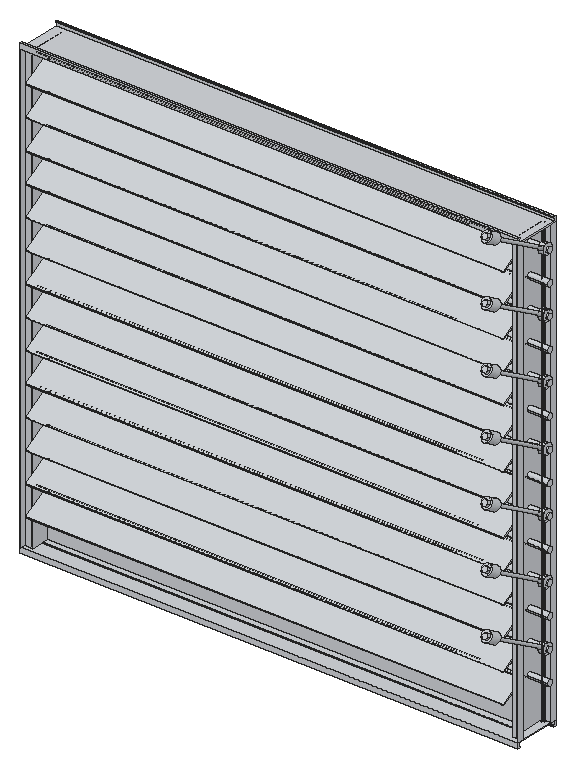
Revit family "HCB-700", category Mechanical Equipment, Revit 2015
Parameters
  Weight Spacing = 0' - 5 3/4"
  Weight Number [instance] = Blade Number / 2  # 7
  URL = "http://unitedenertech.com/catalog/pdf/F_10,11%20Model%20HCB-700.pdf"
  Type Comments = "Max. Single Section Size is (48\"w x 48\"h)"
  Model = "HCB-700"
  Manufacturer = "United Enertech Corporation"
  Keynote = "This model is only a representation of the product, blade position will vary from built dampers."
  Exact Width = 4' - 0"
  Exact Height = 3' - 8"
  Description = "Heavy Duty Backdraft Damper"
  Blade Spacing = 0' - 2 7/8"
  Blade Number [instance] = rounddown((Exact Height - 0' 2 1/4") / Blade Spacing)  # 14
  BW [instance] = Exact Width - 0' 1 15/16"  # 3' - 10 1/16"
Reference planes (in)
  plane 1 "Center (Front/Back)": y = 0
  plane 2: z = 0
  plane 3 "Center (Left/Right)": x = 0
  plane 4: x = -24
  plane 5: x = 24
  plane 6: z = 44
  plane 7: z = 0.5
  plane 8: z = 43.5
  plane 9: x = -23.125
  plane 10: x = 23.125
  plane 11: z = 42.0437
  plane 12: x = 25.03125
  plane 13: z = 42.96483
Forms (in)
  Extrusion 1, solid
    sketch origin (-10.94563, 56.53311, 0) x (0, 1, 0) y (-1, 0, 0)
      loop
        line (-56.53311, 12.97437) -> (-56.07011, 12.97437) -> (-56.07011, 12.17937) -> (-52.49611, 12.17937) -> (-52.49611, 12.97437) -> (-52.03311, 12.97437) -> (-52.03311, 13.05437) -> (-52.57611, 13.05437) -> (-52.57611, 12.46516) -> (-52.61757, 12.51649) -> (-52.6794, 12.56048) -> (-52.75426, 12.58054) -> (-52.77072, 12.48933)
        arc (-52.77072, 12.48933) -> (-52.68095, 12.36712) -> (-52.81664, 12.43482) r 0.078
        line (-52.81664, 12.43482) -> (-52.90129, 12.4267) -> (-52.87778, 12.33896) -> (-52.8428, 12.29687) -> (-52.79089, 12.25937) -> (-55.76027, 12.25937) -> (-55.71053, 12.30912) -> (-55.67609, 12.36632) -> (-55.67078, 12.44579) -> (-55.75297, 12.44579)
        arc (-55.75297, 12.44579) -> (-55.87883, 12.36035) -> (-55.80226, 12.4918) r 0.078
        line (-55.80226, 12.4918) -> (-55.81534, 12.5768) -> (-55.90864, 12.5518) -> (-55.94901, 12.51604) -> (-55.99011, 12.45116) -> (-55.99011, 13.05437) -> (-56.53311, 13.05437) -> (-56.53311, 12.97437)
    from 0.5 to 43.5
  Extrusion 2, solid
    sketch origin (10.94563, 56.53311, 0) x (0, 1, 0) y (-1, 0, 0)
      loop
        line (-56.53311, -12.97437) -> (-56.53311, -13.05437) -> (-55.99011, -13.05437) -> (-55.99011, -12.45116) -> (-55.94901, -12.51604) -> (-55.90864, -12.5518) -> (-55.81534, -12.5768) -> (-55.80226, -12.4918)
        arc (-55.80226, -12.4918) -> (-55.87883, -12.36035) -> (-55.75297, -12.44579) r 0.078
        line (-55.75297, -12.44579) -> (-55.67078, -12.44579) -> (-55.67609, -12.36632) -> (-55.71053, -12.30912) -> (-55.76027, -12.25937) -> (-52.79089, -12.25937) -> (-52.8428, -12.29687) -> (-52.87778, -12.33896) -> (-52.90129, -12.4267) -> (-52.81664, -12.43482)
        arc (-52.81664, -12.43482) -> (-52.68095, -12.36712) -> (-52.77072, -12.48933) r 0.078
        line (-52.77072, -12.48933) -> (-52.75426, -12.58054) -> (-52.6794, -12.56048) -> (-52.61757, -12.51649) -> (-52.57611, -12.46516) -> (-52.57611, -13.05437) -> (-52.03311, -13.05437) -> (-52.03311, -12.97437) -> (-52.49611, -12.97437) -> (-52.49611, -12.17937) -> (-56.07011, -12.17937) -> (-56.07011, -12.97437) -> (-56.53311, -12.97437)
    from 0.5 to 43.5
  Extrusion 3, solid
    sketch origin (-23.46325, -52.03311, -12.20737) x (0, -1, 0) y (0, 0, 1)
      loop
        line (-56.34511, 12.28737) -> (-56.45311, 12.28737) -> (-56.45311, 12.62737) -> (-52.11311, 12.62737) -> (-52.11311, 12.28737) -> (-52.22111, 12.28737) -> (-52.22111, 12.20737) -> (-52.03311, 12.20737) -> (-52.03311, 12.70737) -> (-56.53311, 12.70737) -> (-56.53311, 12.20737) -> (-56.34511, 12.20737) -> (-56.34511, 12.28737)
    from -47.46325 to 0.53675
  Extrusion 4, solid
    sketch origin (-35.31788, -52.03311, 54.20737) x (0, -1, 0) y (0, 0, -1)
      loop
        line (-56.34511, 10.28737) -> (-56.45311, 10.28737) -> (-56.45311, 10.62737) -> (-52.11311, 10.62737) -> (-52.11311, 10.28737) -> (-52.22111, 10.28737) -> (-52.22111, 10.20737) -> (-52.03311, 10.20737) -> (-52.03311, 10.70737) -> (-56.53311, 10.70737) -> (-56.53311, 10.20737) -> (-56.34511, 10.20737) -> (-56.34511, 10.28737)
    from 11.31788 to 59.31788
  Extrusion 5, solid
    sketch origin (0, 7.30319, -4.76393) x (0, 1, 0) y (0, 0, 1)
      loop
        line (-5.05319, 5.26393) -> (-5.05319, 7.99401) -> (-5.13572, 7.99401) -> (-5.13572, 5.34205) -> (-5.80319, 5.34205) -> (-5.80319, 5.26393) -> (-5.05319, 5.26393)
    from -23.125 to 23.125
Dimensions and locks (in)
  equal spacing: plane 4, plane 3 "Center (Left/Right)", plane 5
  "Exact Width": plane 4 to plane 5
  "Exact Height": plane 6 to level
  locked: plane 7 to level at 0.5
  locked: plane 6 to plane 8 at 0.5
  locked: plane 4 to plane 9 at 0.875
  locked: plane 10 to plane 5 at 0.875
  locked: plane 6 to plane 11 at 1.9563
  equal spacing: group 1, group 2, group 3, group 6, group 7, group 8, group 9, group 10, group 11, group 12, group 13, group 14, group 15, group 16  (x2)
  equal spacing: group 16, group 15, group 14, group 13, group 12, group 11, group 10, group 9, group 8, group 7, group 6, group 3, group 2, group 1
  "Blade Spacing": nested 2 to nested 1
  locked: plane 5 to plane 12 at 1.03125
  locked: plane 6 to plane 13 at 1.03517
  equal spacing: group 4, group 5, group 17, group 18, group 19, group 20, group 21  (x2)
  equal spacing: group 21, group 20, group 19, group 18, group 17, group 5, group 4
  "Weight Spacing": nested 4 to nested 5
  aligned and locked: level to plane 2
  aligned and locked: Extrusion 1 to plane 7
  aligned and locked: Extrusion 2 to plane 7
  aligned and locked: plane 5 to Extrusion 3
  aligned and locked: plane 4 to Extrusion 3
  aligned and locked: plane 6 to Extrusion 4
  aligned and locked: plane 5 to Extrusion 4
  aligned and locked: plane 4 to Extrusion 4
  aligned and locked: plane 8 to Extrusion 1
  aligned and locked: plane 8 to Extrusion 2
  aligned and locked: plane 10 to Extrusion 5
  aligned and locked: Extrusion 5 to plane 9
  aligned and locked: plane 3 "Center (Left/Right)" to nested 1
  aligned and locked: nested 1 to plane 11
  aligned and locked: plane 12 to nested 4
  aligned and locked: plane 13 to nested 4
  aligned and locked: nested 4 to nested 5
Automatic sketch dimensions
  plane 1 "Center (Front/Back)" to Extrusion 1 sketch curve = 0' - 0"
  Extrusion 1 sketch curve to plane 9 = 0' - 0"
  Extrusion 1 sketch curve to plane 4 = 0' - 0"  (x2)
  Extrusion 1 sketch curve to plane 4 = 0' - 0.08"  (x2)
  Extrusion 1 sketch curve to plane 1 "Center (Front/Back)" = 0' - 0.463"
  Extrusion 1 sketch curve to Extrusion 1 sketch curve = 0' - 0.08"  (x2)
  Extrusion 1 sketch curve to Extrusion 1 sketch curve = 0' - 0.0411"
  Extrusion 1 sketch curve to Extrusion 1 sketch curve = 0' - 0.04037"
  Extrusion 1 sketch curve to Extrusion 1 sketch curve = 0' - 0.08303"
  Extrusion 1 sketch curve to Extrusion 1 sketch curve = 0' - 0.0933"
  Extrusion 1 sketch curve to plane 9 = 0' - 0.31242"
  Extrusion 1 sketch curve to Extrusion 1 sketch curve = 0' - 0.02335"
  Extrusion 1 sketch curve to plane 9 = 0' - 0.08"
  Extrusion 1 sketch curve to Extrusion 1 sketch curve = 0' - 0.06534"
  Extrusion 1 sketch curve to Extrusion 1 sketch curve = 0' - 0.04929"
  Extrusion 1 sketch curve to plane 9 = 0' - 0.12974"
  Extrusion 1 sketch curve to Extrusion 1 sketch curve = 0' - 0.04974"
  Extrusion 1 sketch curve to plane 9 = 0' - 0.18694"
  Extrusion 1 sketch curve to Extrusion 1 sketch curve = 0' - 0.03444"
  Extrusion 1 sketch curve to Extrusion 1 sketch curve = 0' - 0.00531"
  Extrusion 1 sketch curve to plane 9 = 0' - 0.24733"
  Extrusion 1 sketch curve to Extrusion 1 sketch curve = 0' - 2.76949"
  Extrusion 1 sketch curve to plane 9 = 0' - 0.15959"
  Extrusion 1 sketch curve to Extrusion 1 sketch curve = 0' - 0.02351"
  Extrusion 1 sketch curve to plane 9 = 0' - 0.11749"
  Extrusion 1 sketch curve to Extrusion 1 sketch curve = 0' - 0.03498"
  Extrusion 1 sketch curve to plane 9 = 0' - 0.25544"
  Extrusion 1 sketch curve to Extrusion 1 sketch curve = 0' - 0.08465"
  Extrusion 1 sketch curve to Extrusion 1 sketch curve = 0' - 0.05191"
  Extrusion 1 sketch curve to plane 9 = 0' - 0.30996"
  Extrusion 1 sketch curve to Extrusion 1 sketch curve = 0' - 0.04592"
  Extrusion 1 sketch curve to plane 9 = 0' - 0.40116"
  Extrusion 1 sketch curve to Extrusion 1 sketch curve = 0' - 0.01646"
  Extrusion 1 sketch curve to Extrusion 1 sketch curve = 0' - 0.03011"
  Extrusion 1 sketch curve to plane 9 = 0' - 0.3811"
  Extrusion 1 sketch curve to Extrusion 1 sketch curve = 0' - 0.07486"
  Extrusion 1 sketch curve to plane 9 = 0' - 0.33712"
  Extrusion 1 sketch curve to Extrusion 1 sketch curve = 0' - 0.06183"
  Extrusion 1 sketch curve to Extrusion 1 sketch curve = 0' - 0.04146"
  Extrusion 1 sketch curve to Extrusion 1 sketch curve = 0' - 0.463"
  Extrusion 1 sketch curve to Extrusion 1 sketch curve = 0' - 0.07442"
  Extrusion 1 sketch curve to Extrusion 1 sketch curve = 0' - 0.03378"
  Extrusion 1 sketch curve to Extrusion 1 sketch curve = 0' - 0.05133"
  Extrusion 1 sketch curve to Extrusion 1 sketch curve = 0' - 0.06488"
  Extrusion 1 sketch curve to Extrusion 1 sketch curve = 0' - 0.03576"
  Extrusion 1 sketch curve to Extrusion 1 sketch curve = 0' - 0.085"
  plane 1 "Center (Front/Back)" to Extrusion 2 sketch curve = 0' - 0"
  Extrusion 2 sketch curve to plane 10 = 0' - 0"
  Extrusion 2 sketch curve to plane 5 = 0' - 0"  (x2)
  plane 5 to Extrusion 2 sketch curve = 0' - 0.08"  (x2)
  Extrusion 2 sketch curve to Extrusion 2 sketch curve = 0' - 0.463"  (x2)
  Extrusion 2 sketch curve to Extrusion 2 sketch curve = 0' - 0.08"  (x2)
  Extrusion 2 sketch curve to Extrusion 2 sketch curve = 0' - 0.0411"
  Extrusion 2 sketch curve to Extrusion 2 sketch curve = 0' - 0.04037"
  Extrusion 2 sketch curve to Extrusion 2 sketch curve = 0' - 0.08303"
  Extrusion 2 sketch curve to Extrusion 2 sketch curve = 0' - 0.0933"
  Extrusion 2 sketch curve to plane 10 = 0' - 0.31242"
  Extrusion 2 sketch curve to Extrusion 2 sketch curve = 0' - 0.02335"
  Extrusion 2 sketch curve to plane 10 = 0' - 0.08"
  Extrusion 2 sketch curve to Extrusion 2 sketch curve = 0' - 0.06534"
  Extrusion 2 sketch curve to Extrusion 2 sketch curve = 0' - 0.04929"
  Extrusion 2 sketch curve to plane 10 = 0' - 0.12974"
  Extrusion 2 sketch curve to Extrusion 2 sketch curve = 0' - 0.04974"
  Extrusion 2 sketch curve to plane 10 = 0' - 0.18694"
  Extrusion 2 sketch curve to Extrusion 2 sketch curve = 0' - 0.03444"
  Extrusion 2 sketch curve to Extrusion 2 sketch curve = 0' - 0.00531"
  Extrusion 2 sketch curve to plane 10 = 0' - 0.24733"
  Extrusion 2 sketch curve to Extrusion 2 sketch curve = 0' - 2.76949"
  Extrusion 2 sketch curve to plane 10 = 0' - 0.15959"
  Extrusion 2 sketch curve to Extrusion 2 sketch curve = 0' - 0.02351"
  Extrusion 2 sketch curve to plane 10 = 0' - 0.11749"
  Extrusion 2 sketch curve to Extrusion 2 sketch curve = 0' - 0.03498"
  Extrusion 2 sketch curve to plane 10 = 0' - 0.25544"
  Extrusion 2 sketch curve to Extrusion 2 sketch curve = 0' - 0.08465"
  Extrusion 2 sketch curve to Extrusion 2 sketch curve = 0' - 0.05191"
  Extrusion 2 sketch curve to plane 10 = 0' - 0.30996"
  Extrusion 2 sketch curve to Extrusion 2 sketch curve = 0' - 0.04592"
  Extrusion 2 sketch curve to plane 10 = 0' - 0.40116"
  Extrusion 2 sketch curve to Extrusion 2 sketch curve = 0' - 0.01646"
  Extrusion 2 sketch curve to Extrusion 2 sketch curve = 0' - 0.07602"
  Extrusion 2 sketch curve to plane 10 = 0' - 0.3811"
  Extrusion 2 sketch curve to Extrusion 2 sketch curve = 0' - 0.07486"
  Extrusion 2 sketch curve to plane 10 = 0' - 0.33712"
  Extrusion 2 sketch curve to Extrusion 2 sketch curve = 0' - 0.06183"
  Extrusion 2 sketch curve to Extrusion 2 sketch curve = 0' - 0.04146"
  Extrusion 2 sketch curve to Extrusion 2 sketch curve = 0' - 0.07442"
  Extrusion 2 sketch curve to Extrusion 2 sketch curve = 0' - 0.03378"
  Extrusion 2 sketch curve to Extrusion 2 sketch curve = 0' - 0.05133"
  Extrusion 2 sketch curve to Extrusion 2 sketch curve = 0' - 0.06488"
  Extrusion 2 sketch curve to Extrusion 2 sketch curve = 0' - 0.03576"
  Extrusion 2 sketch curve to Extrusion 2 sketch curve = 0' - 0.085"
  Extrusion 3 sketch curve to level = 0' - 0"  (x2)
  Extrusion 3 sketch curve to plane 7 = 0' - 0"
  Extrusion 3 sketch curve to plane 1 "Center (Front/Back)" = 0' - 0"
  Extrusion 3 sketch curve to plane 1 "Center (Front/Back)" = 0' - 0.08"
  Extrusion 3 sketch curve to Extrusion 3 sketch curve = 0' - 0.108"  (x2)
  Extrusion 3 sketch curve to Extrusion 3 sketch curve = 0' - 4.124"
  Extrusion 3 sketch curve to plane 7 = 0' - 0.08"
  Extrusion 3 sketch curve to Extrusion 3 sketch curve = 0' - 0.08"
  level to Extrusion 3 sketch curve = 0' - 0.08"  (x2)
  plane 8 to Extrusion 4 sketch curve = 0' - 0"
  Extrusion 4 sketch curve to plane 6 = 0' - 0"  (x2)
  Extrusion 4 sketch curve to plane 1 "Center (Front/Back)" = 0' - 0"
  Extrusion 4 sketch curve to plane 1 "Center (Front/Back)" = 0' - 0.08"
  Extrusion 4 sketch curve to Extrusion 4 sketch curve = 0' - 0.108"  (x2)
  Extrusion 4 sketch curve to plane 6 = 0' - 0.08"  (x2)
  Extrusion 4 sketch curve to Extrusion 4 sketch curve = 0' - 4.124"
  Extrusion 4 sketch curve to Extrusion 4 sketch curve = 0' - 0.08"
  plane 8 to Extrusion 4 sketch curve = 0' - 0.08"
  Extrusion 5 sketch curve to plane 1 "Center (Front/Back)" = 0' - 2.16746"
  Extrusion 5 sketch curve to Extrusion 5 sketch curve = 0' - 0.08254"
  Extrusion 5 sketch curve to Extrusion 5 sketch curve = 0' - 0 5/64"
  Extrusion 5 sketch curve to Extrusion 5 sketch curve = 0' - 2.65196"
  Extrusion 5 sketch curve to Extrusion 5 sketch curve = 0' - 0.66746"
  Extrusion 5 sketch curve to plane 7 = 0' - 0"
Nested families (in)
  nested 1: "HCBBlade" at (0, 0.6999, 41.2455), type "HCBBlade"
    with Blade Width 3' - 10 1/16"
  nested 2: "HCBBlade" at (0, 0.6999, 38.3705), type "HCBBlade"
    with Blade Width 3' - 10 1/16"
  nested 3: "HCBBlade" at (0, 0.6999, 35.4955), type "HCBBlade"
    with Blade Width 3' - 10 1/16"
  nested 4: "HCBWeightt" at (22.26436, -2.25932, 40.55697), type "HCBWeightt"
  nested 5: "HCBWeightt" at (22.26436, -2.25932, 34.80697), type "HCBWeightt"
  nested 6: "HCBBlade" at (0, 0.6999, 32.6205), type "HCBBlade"
    with Blade Width 3' - 10 1/16"
  nested 7: "HCBBlade" at (0, 0.6999, 29.7455), type "HCBBlade"
    with Blade Width 3' - 10 1/16"
  nested 8: "HCBBlade" at (0, 0.6999, 26.8705), type "HCBBlade"
    with Blade Width 3' - 10 1/16"
  nested 9: "HCBBlade" at (0, 0.6999, 23.9955), type "HCBBlade"
    with Blade Width 3' - 10 1/16"
  nested 10: "HCBBlade" at (0, 0.6999, 21.1205), type "HCBBlade"
    with Blade Width 3' - 10 1/16"
  nested 11: "HCBBlade" at (0, 0.6999, 18.2455), type "HCBBlade"
    with Blade Width 3' - 10 1/16"
  nested 12: "HCBBlade" at (0, 0.6999, 15.3705), type "HCBBlade"
    with Blade Width 3' - 10 1/16"
  nested 13: "HCBBlade" at (0, 0.6999, 12.4955), type "HCBBlade"
    with Blade Width 3' - 10 1/16"
  nested 14: "HCBBlade" at (0, 0.6999, 9.6205), type "HCBBlade"
    with Blade Width 3' - 10 1/16"
  nested 15: "HCBBlade" at (0, 0.6999, 6.7455), type "HCBBlade"
    with Blade Width 3' - 10 1/16"
  nested 16: "HCBBlade" at (0, 0.6999, 3.8705), type "HCBBlade"
    with Blade Width 3' - 10 1/16"
  nested 17: "HCBWeightt" at (22.26436, -2.25932, 29.05697), type "HCBWeightt"
  nested 18: "HCBWeightt" at (22.26436, -2.25932, 23.30697), type "HCBWeightt"
  nested 19: "HCBWeightt" at (22.26436, -2.25932, 17.55697), type "HCBWeightt"
  nested 20: "HCBWeightt" at (22.26436, -2.25932, 11.80697), type "HCBWeightt"
  nested 21: "HCBWeightt" at (22.26436, -2.25932, 6.05697), type "HCBWeightt"
Definition of nested family "HCBBlade"
  Parameters (values of type "HCBBlade")
    Blade Width = 2' - 0"
  Reference planes (in)
    plane 1 "Center (Front/Back)": y = 0
    plane 2: z = 0
    plane 3 "Center (Left/Right)": x = 0
    plane 4: x = -12
    plane 5: x = 12
    plane 6: x = -13
    plane 7: x = 14.25
  Forms (in)
    Extrusion 1, solid
      sketch origin (-12.97718, 9.9771, 0.49103) x (0, 1, 0) y (0, 0, 1)
        loop
          circle (-8.427, 0.74348) r 0.25
      from -0.02282 to 27.22718
    Extrusion 2, solid
      sketch origin (-12.97718, 7.22357, 2.55576) x (0, 0.866025, 0.5) y (0, -0.5, 0.866025)
        loop
          line (-8.69966, 1.75449) -> (-5.88793, 1.75449)
          arc (-5.88793, 1.75449) -> (-5.89377, 1.70445) -> (-5.89168, 1.65411) r 0.32
          line (-5.89168, 1.65411) -> (-5.99562, 1.55017)
          arc (-5.99562, 1.55017) -> (-5.94442, 1.44589) -> (-5.86797, 1.35842) r 0.445
          line (-5.86797, 1.35842) -> (-5.71631, 1.27086) -> (-5.61238, 1.3748)
          arc (-5.61238, 1.3748) -> (-5.28486, 1.82961) -> (-5.84428, 1.8638) r 0.32
          line (-5.84428, 1.8638) -> (-8.69966, 1.81396) -> (-8.69966, 1.75449)
        loop
          arc (-5.6359, 1.45027) -> (-5.39722, 1.86927) -> (-5.81621, 1.63059) r 0.25
          line (-5.81621, 1.63059) -> (-5.91352, 1.53328)
          arc (-5.91352, 1.53328) -> (-5.86938, 1.46147) -> (-5.81032, 1.40133) r 0.375
          line (-5.81032, 1.40133) -> (-5.73077, 1.3554) -> (-5.6359, 1.45027)
      from 0.97718 to 24.97718
  Dimensions and locks (in)
    equal spacing: plane 4, plane 3 "Center (Left/Right)", plane 5
    "Blade Width": plane 4 to plane 5
    locked: plane 5 to plane 7 at 2.25
    locked: plane 6 to plane 4 at 1
    aligned and locked: level to plane 2
    aligned and locked: plane 4 to Extrusion 2
    aligned and locked: plane 5 to Extrusion 2
    aligned and locked: plane 6 to Extrusion 1
    aligned and locked: Extrusion 1 to plane 7
  Automatic sketch dimensions
    Extrusion 1 sketch curve to plane 1 "Center (Front/Back)" = 0' - 1.5501"
    level to Extrusion 1 sketch curve = 0' - 1.2345"
    Extrusion 2 sketch curve to Extrusion 2 sketch curve = 0' - 0"  (x8)
    Extrusion 2 sketch curve to level = 0' - 0.22313"
    plane 1 "Center (Front/Back)" to Extrusion 2 sketch curve = 0' - 1.21754"
    Extrusion 2 sketch curve to Extrusion 2 sketch curve = 0' - 2.70404"
    Extrusion 2 sketch curve to Extrusion 2 sketch curve = 0' - 0.0821"
    Extrusion 2 sketch curve to Extrusion 2 sketch curve = 0' - 0.02183"
    Extrusion 2 sketch curve to Extrusion 2 sketch curve = 0' - 0.00375"
    Extrusion 2 sketch curve to Extrusion 2 sketch curve = 0' - 0.04554"
    Extrusion 2 sketch curve to Extrusion 2 sketch curve = 0' - 0.04365"
    Extrusion 2 sketch curve to Extrusion 2 sketch curve = 0' - 0.07547"  (x2)
    Extrusion 2 sketch curve to Extrusion 2 sketch curve = 0' - 0.1372"
    Extrusion 2 sketch curve to Extrusion 2 sketch curve = 0' - 0.01446"
    Extrusion 2 sketch curve to Extrusion 2 sketch curve = 0' - 0.09487"
    Extrusion 2 sketch curve to Extrusion 2 sketch curve = 0' - 0.02352"  (x2)
    Extrusion 2 sketch curve to Extrusion 2 sketch curve = 0' - 0.24221"
    Extrusion 2 sketch curve to Extrusion 2 sketch curve = 0' - 0.05947"
    Extrusion 2 sketch curve to Extrusion 2 sketch curve = 0' - 0.062"
    Extrusion 2 sketch curve to Extrusion 2 sketch curve = 0' - 0.10394"
    Extrusion 2 sketch curve to Extrusion 2 sketch curve = 0' - 0.01689"
    Extrusion 2 sketch curve to Extrusion 2 sketch curve = 0' - 0.0194"
    Extrusion 2 sketch curve to Extrusion 2 sketch curve = 0' - 0.08454"
    Extrusion 2 sketch curve to Extrusion 2 sketch curve = 0' - 0.05766"
    radius of Extrusion 1 sketch curve = 0' - 0 1/4"
Definition of nested family "HCBWeightt"
  Reference planes (in)
    plane 1 "Center (Front/Back)": y = 0
    plane 2: z = 0
    plane 3 "Center (Left/Right)": x = 0
  Forms (in)
    Extrusion 1, solid
      sketch origin (4.98495, 6.38014, 21.32465) x (0, -0.5, -0.866025) y (-1, 0, 0)
        loop
          circle (17.74334, 2.46532) r 0.15625
      from 0 to 7.75
    Extrusion 2, solid
      sketch origin (4.98495, 6.16364, 21.44965) x (0, -0.5, -0.866025) y (-1, 0, 0)
        loop
          line (17.74334, 2.16756) -> (17.99334, 2.31189) -> (17.99334, 2.60057) -> (17.74334, 2.74491) -> (17.49334, 2.60057) -> (17.49334, 2.31189) -> (17.74334, 2.16756)
      from 0 to 0.25
    Extrusion 3, solid
      sketch origin (2.26689, 12.21794, 20.20438) x (0, -0.5, -0.866025) y (0, 0.866025, -0.5)
        loop
          circle (19.69206, 2.46806) r 0.2565
        loop
          line (19.2202, 2.30268) -> (19.3129, 2.14212)
          arc (19.3129, 2.14212) -> (20.12507, 2.71806) -> (19.2202, 2.30268) r 0.5
      from 0 to 0.5
    Extrusion 4, solid
      sketch origin (4.98495, -12.37573, -13.41147) x (0, 0.5, 0.866025) y (-1, 0, 0)
        loop
          circle (21.71696, 2.46806) r 0.1925
        loop
          circle (21.71696, 2.46806) r 0.5
      from 0 to 1.125
  Dimensions and locks (in)
    aligned and locked: level to plane 2
